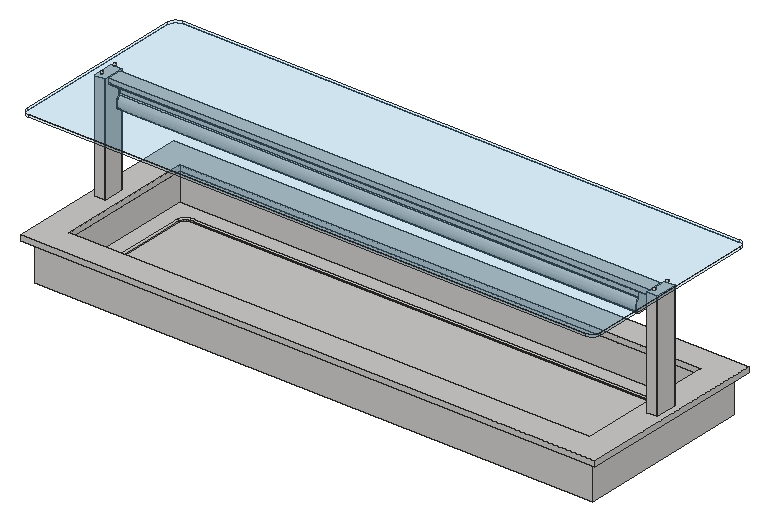
Revit family "QF_FESTIVE_SB21", category Specialty Equipment, Revit 2020
Family settings
  Round Connector Dimension = Use Diameter
  Part Type = Normal
  Work Plane-Based = No
  Always vertical = Yes
  Cut with Voids When Loaded = No
  Shared = No
  Room Calculation Point = No
Parameters (values of type "SB21")
  Weight in Pounds = 0
  Watts = if(Phase = 3, Volts * FL Amps * 1.73, Volts * FL Amps)  # 2882 W
  Volts = 220 V
  URL Cutsheet = ""
  Specification by User = ""
  Specification by Manufacturer = ""
  Serial Number = ""
  Seismic Rating = ""
  SMACNA No = ""
  Revision Code = ""
  Phase = 1
  Number of Poles = 1
  NAFEM Spec ID Number = ""
  Model = "SB21"
  Min Ckt Ampacity = 0 A
  Max Overcurrent Protection = 0 A
  Masterspec = ""
  Manufacturer = "FESTIVE"
  Length = 2130 mm
  Item Number = ""
  Installed By = ""
  Identify Quantity as Lot = yes
  Height = 430 mm
  HP = ""
  Furnished By = ""
  Foodservice Equipment Identifier = yes
  FL Amps = 13.1 A  # constant formula
  Electrical Remarks = ""
  Electric Connection Type = ""
  Elec Conn RI Height = 0 mm
  Elec Conn Connection Height = 0 mm
  Description = "SOMERSET: BAIN MARIE"
  Depth = 712 mm
  Default Elevation = 0 mm
  Cycle = 50 Hz  # constant formula
  Conn Plug = ""
  Conn Conduit = yes
  CSI MasterFormat = ""
  Apparent Power = if(Phase = 3, Volts * FL Amps * 1.73, Volts * FL Amps)  # 2882 VA
Reference planes
  plane 1 "BACK": y = 0
  plane 2: z = 0
  plane 3 "LEFT": x = 0
  plane 4 "RIGHT": x = 2130
  plane 5 "FRONT": y = -712
  plane 6 "TOP": z = 430
  plane 7 "Center Y": x = 1065
  plane 8 "Center X": y = -356
  plane 9: z = -140
  plane 10: x = 568.768
  plane 11: z = -304.8
  plane 12: x = 100.5
  plane 13: x = 2029.5
Forms (mm)
  Extrusion 1, solid, material "QF_Metal - Stainless - Satin"
    sketch origin (0, 0, 0) x (1, 0, 0) y (0, 1, 0)
      loop
        line (0, 0) -> (0, -712) -> (2130, -712) -> (2130, 0) -> (0, 0)
      loop
        line (99, -98.261) -> (99, -612.261) -> (2031, -612.261) -> (2031, -98.261) -> (99, -98.261)
    from 0 to 20
  Extrusion 2, solid, material "QF_Metal - Stainless - Satin"
    sketch origin (1065, -355.261, -145) x (1, 0, 0) y (0, 1, 0)
      loop
        line (1035, -326.739) -> (1035, 325.261) -> (-1035, 325.261) -> (-1035, -326.739) -> (1035, -326.739)
      loop
        line (-966, -257) -> (966, -257) -> (966, 257) -> (-966, 257) -> (-966, -257)
    from 5 to 145
  Extrusion 3, solid, material "QF_Metal - Stainless - Satin"
    sketch origin (1065, -355.261, 20) x (1, 0, 0) y (0, 1, 0)
      loop
        arc (-1006.5, -40) -> (-1005.086, -39.414) -> (-1004.5, -38) r 2
        line (-1004.5, -38) -> (-1004.5, 38)
        arc (-1004.5, 38) -> (-1005.086, 39.414) -> (-1006.5, 40) r 2
        line (-1006.5, 40) -> (-1042.5, 40)
        arc (-1042.5, 40) -> (-1043.914, 39.414) -> (-1044.5, 38) r 2
        line (-1044.5, 38) -> (-1044.5, -38)
        arc (-1044.5, -38) -> (-1043.914, -39.414) -> (-1042.5, -40) r 2
        line (-1042.5, -40) -> (-1006.5, -40)
      loop
        arc (1044.5, 38) -> (1043.914, 39.414) -> (1042.5, 40) r 2
        line (1042.5, 40) -> (1006.5, 40)
        arc (1006.5, 40) -> (1005.086, 39.414) -> (1004.5, 38) r 2
        line (1004.5, 38) -> (1004.5, -38)
        arc (1004.5, -38) -> (1005.086, -39.414) -> (1006.5, -40) r 2
        line (1006.5, -40) -> (1042.5, -40)
        arc (1042.5, -40) -> (1043.914, -39.414) -> (1044.5, -38) r 2
        line (1044.5, -38) -> (1044.5, 38)
    from 0 to 400
  Extrusion 4, solid, material "QF_Metal - Stainless - Satin"
    sketch origin (1065, -355.261, -140) x (0, 1, 0) y (1, 0, 0)
      loop
        line (257, -966) -> (257, 966) -> (-257, 966) -> (-257, -966) -> (257, -966)
    from 0 to -35
  Sweep 5, solid, material "QF_Metal - Stainless - Satin"
    path origin (0, 0, -90) x (1, 0, 0) y (0, 1, 0)
      loop
        line (2029, -180.315) -> (210.803, -180.315)
        arc (210.803, -180.315) -> (189.59, -189.101) -> (180.803, -210.315) r 30
        line (180.803, -210.315) -> (180.803, -500.123)
        arc (180.803, -500.123) -> (189.59, -521.336) -> (210.803, -530.123) r 30
        line (210.803, -530.123) -> (2029, -530.123)
    profile origin (1119.901, -180.315, -90) x (0, -1, 0) y (0, 0, 1)
      loop
        circle (0, 0) r 3.995
  Extrusion 6, solid, material "Glass"
    sketch origin (1065, -355.261, 420) x (1, 0, 0) y (0, 1, 0)
      loop
        arc (-1062.5, -326) -> (-1053.713, -347.213) -> (-1032.5, -356) r 30
        line (-1032.5, -356) -> (1032.5, -356)
        arc (1032.5, -356) -> (1053.713, -347.213) -> (1062.5, -326) r 30
        line (1062.5, -326) -> (1062.5, 324.523)
        arc (1062.5, 324.523) -> (1053.713, 345.736) -> (1032.5, 354.523) r 30
        line (1032.5, 354.523) -> (-1032.5, 354.523)
        arc (-1032.5, 354.523) -> (-1053.713, 345.736) -> (-1062.5, 324.523) r 30
        line (-1062.5, 324.523) -> (-1062.5, -326)
    from 0 to 10
  Extrusion 7, solid, material "QF_Metal - Stainless - Satin"
    sketch origin (2130, 0, 0) x (0, -1, 0) y (0, 0, 1)
      loop
        arc (321.832, 335.631) -> (325.524, 331.583) -> (330.769, 330) r 10.306
        line (330.769, 330) -> (378.191, 330)
        arc (378.191, 330) -> (384.277, 331.191) -> (388.606, 335.631) r 10.413
        arc (388.606, 335.631) -> (392.245, 357.759) -> (382.452, 377.934) r 37.05
        arc (382.452, 377.934) -> (381.137, 379.989) -> (380.676, 382.385) r 6.465
        line (380.676, 382.385) -> (380.676, 400) -> (329.761, 400) -> (329.761, 382.385)
        arc (329.761, 382.385) -> (329.301, 379.989) -> (327.985, 377.934) r 6.465
        arc (327.985, 377.934) -> (318.192, 357.759) -> (321.832, 335.631) r 37.05
    from 100.5 to 102.5
  Extrusion 8, solid, material "QF_Metal - Stainless - Satin"
    sketch origin (100.5, -4572, 329.938) x (0, 0, 1) y (0, -1, 0)
      loop
        arc (5.693, -4250.168) -> (27.821, -4253.808) -> (47.996, -4244.015) r 37.05
        arc (47.996, -4244.015) -> (50.05, -4242.699) -> (52.446, -4242.239) r 6.465
        line (52.446, -4242.239) -> (70.062, -4242.239) -> (70.062, -4191.324) -> (52.446, -4191.324)
        arc (52.446, -4191.324) -> (50.05, -4190.863) -> (47.996, -4189.548) r 6.465
        arc (47.996, -4189.548) -> (27.821, -4179.755) -> (5.693, -4183.394) r 37.05
        arc (5.693, -4183.394) -> (1.253, -4187.723) -> (0.062, -4193.809) r 10.413
        line (0.062, -4193.809) -> (0.062, -4241.231)
        arc (0.062, -4241.231) -> (1.645, -4246.476) -> (5.693, -4250.168) r 10.306
    from 0 to 2
  Extrusion 9, solid, material "QF_Metal - Stainless - Satin"
    sketch origin (0, 0, 0) x (0, 1, 0) y (0, 0, 1)
      loop
        line (-327.761, 420) -> (-382.676, 420) -> (-382.676, 401.831)
        arc (-382.676, 401.831) -> (-382.037, 400.522) -> (-380.676, 400) r 1.989
        line (-380.676, 400) -> (-329.761, 400)
        arc (-329.761, 400) -> (-328.401, 400.522) -> (-327.761, 401.831) r 1.989
        line (-327.761, 401.831) -> (-327.761, 420)
    from 60.5 to 2069.5
  Revolve 10, solid, material "QF_Metal - Stainless - Satin"
    sketch origin (0, -385.237, 2) x (1, 0, 0) y (0, 0, 1)
      loop
        line (36.511, 428) -> (40.467, 428) -> (40.467, 433.967)
        arc (40.467, 433.967) -> (37.67, 432.809) -> (36.511, 430.011) r 3.956
        line (36.511, 430.011) -> (36.511, 428)
      axis (40.467, 428) -> (40.467, 433.967)
    angle from 0 to 360
  Revolve 11, solid, material "QF_Metal - Stainless - Satin"
    sketch origin (0, -325.201, 2) x (1, 0, 0) y (0, 0, -1)
      loop
        line (36.511, -428) -> (36.511, -430.011)
        arc (36.511, -430.011) -> (37.67, -432.809) -> (40.467, -433.967) r 3.956
        line (40.467, -433.967) -> (40.467, -428) -> (36.511, -428)
      axis (40.467, -428) -> (40.467, -433.967)
    angle from 0 to 360
  Revolve 12, solid, material "QF_Metal - Stainless - Satin"
    sketch origin (2130, -385.237, 2) x (-1, 0, 0) y (0, 0, -1)
      loop
        line (36.511, -428) -> (36.511, -430.011)
        arc (36.511, -430.011) -> (37.67, -432.809) -> (40.467, -433.967) r 3.956
        line (40.467, -433.967) -> (40.467, -428) -> (36.511, -428)
      axis (40.467, -428) -> (40.467, -433.967)
    angle from 0 to 360
  Revolve 13, solid, material "QF_Metal - Stainless - Satin"
    sketch origin (2130, -325.201, 2) x (-1, 0, 0) y (0, 0, 1)
      loop
        line (36.511, 428) -> (40.467, 428) -> (40.467, 433.967)
        arc (40.467, 433.967) -> (37.67, 432.809) -> (36.511, 430.011) r 3.956
        line (36.511, 430.011) -> (36.511, 428)
      axis (40.467, 428) -> (40.467, 433.967)
    angle from 0 to 360
  Revolve 14, solid, material "QF_Metal - Stainless - Satin"
    sketch origin (2140, -151, 0) x (-1, 0, 0) y (0, 0, 1)
      loop
        line (1989, -270) -> (1989, -140) -> (1977.514, -140) -> (1977.514, -270) -> (1989, -270)
      axis (1989, -270) -> (1989, -140)
    angle from 0 to 360
  Extrusion 15, solid, material "QF_Metal - Stainless - Satin"
    sketch origin (102.5, -4572, 329.938) x (0, 0, 1) y (0, -1, 0)
      loop
        arc (5.693, -4250.168) -> (27.821, -4253.808) -> (47.996, -4244.015) r 37.05
        arc (47.996, -4244.015) -> (50.05, -4242.699) -> (52.446, -4242.239) r 6.465
        line (52.446, -4242.239) -> (70.062, -4242.239) -> (70.062, -4191.324) -> (52.446, -4191.324)
        arc (52.446, -4191.324) -> (50.05, -4190.863) -> (47.996, -4189.548) r 6.465
        arc (47.996, -4189.548) -> (27.821, -4179.755) -> (5.693, -4183.394) r 37.05
        arc (5.693, -4183.394) -> (1.253, -4187.723) -> (0.062, -4193.809) r 10.413
        line (0.062, -4193.809) -> (0.062, -4241.231)
        arc (0.062, -4241.231) -> (1.645, -4246.476) -> (5.693, -4250.168) r 10.306
    from 0 to 1925
Cuts and joins
  joined: Extrusion 2, Extrusion 4
Lines and regions (mm)
  symbolic lines
    curve 1: arc (32.5, -0.739, 0) -> (11.287, -9.526, 0) -> (2.5, -30.739, 0) r 30
    curve 2: line (2.5, -30.739, 0) -> (2.5, -681.261, 0)
    curve 3: arc (2.5, -681.261, 0) -> (11.287, -702.474, 0) -> (32.5, -711.261, 0) r 30
    curve 4: line (32.5, -711.261, 0) -> (2097.5, -711.261, 0)
    curve 5: arc (2097.5, -711.261, 0) -> (2118.713, -702.474, 0) -> (2127.5, -681.261, 0) r 30
    curve 6: line (2127.5, -681.261, 0) -> (2127.5, -30.739, 0)
    curve 7: arc (2127.5, -30.739, 0) -> (2118.713, -9.526, 0) -> (2097.5, -0.739, 0) r 30
    curve 8: line (2097.5, -0.739, 0) -> (32.5, -0.739, 0)
    curve 9: circle (40.467, -325.131, 0) r 3.956 normal (0, 0, 1)
    curve 10: circle (40.467, -385.166, 0) r 3.956 normal (0, 0, 1)
    curve 11: circle (2089.533, -325.131, 0) r 3.956 normal (0, 0, -1)
    curve 12: circle (2089.533, -385.166, 0) r 3.956 normal (0, 0, -1)
    curve 13: line (2130, 0, 0) -> (0, 0, 0)
    curve 14: line (2130, -712, 0) -> (2130, 0, 0)
    curve 15: line (0, -712, 0) -> (2130, -712, 0)
    curve 16: line (0, 0, 0) -> (0, -712, 0)
Dimensions and locks
  equal spacing: plane 3 "LEFT", plane 7 "Center Y", plane 4 "RIGHT"
  "Length": plane 3 "LEFT" to plane 4 "RIGHT"
  equal spacing: plane 5 "FRONT", plane 8 "Center X", plane 1 "BACK"
  "Depth": plane 5 "FRONT" to plane 1 "BACK"
  "Height": plane 6 "TOP" to level
  plane 1 "BACK" to plane 5 "FRONT" = 712 mm
  plane 2 to plane 9 = 140 mm
  plane 3 "LEFT" to plane 10 = 568.768 mm
  plane 2 to plane 11 = 304.8 mm
  cut or joined group of Extrusion 2, Extrusion 4 to plane 3 "LEFT" = 30 mm
  cut or joined group of Extrusion 2, Extrusion 4 to nested 1 = 189 mm
  nested 1 to nested 1 = 200 mm
  cut or joined group of Extrusion 2, Extrusion 4 to plane 1 "BACK" = 30 mm
  nested 1 to cut or joined group of Extrusion 2, Extrusion 4 = 182 mm
  Revolve 14 to cut or joined group of Extrusion 2, Extrusion 4 = 121 mm
  locked: plane 13 to plane 4 "RIGHT" at 100.5
  Extrusion 3 sketch curve to Extrusion 3 sketch curve to plane 4 "RIGHT" = 40 mm locked, 20.5 mm locked
  aligned and locked: plane 2 to level
  aligned and locked: Extrusion 9 to Extrusion 3
  aligned and locked: Extrusion 15 to Extrusion 7
Automatic sketch dimensions
  curve 16 to plane 3 "LEFT" = 0 mm
  curve 15 to plane 4 "RIGHT" = 0 mm
  plane 5 "FRONT" to curve 15 = 0 mm
  plane 1 "BACK" to curve 13 = 0 mm
  plane 3 "LEFT" to curve 2 = 2.5 mm
  curve 4 to plane 5 "FRONT" = 0.739 mm
  plane 3 "LEFT" to curve 4 = 32.5 mm
  plane 1 "BACK" to curve 8 = 0.739 mm
  plane 3 "LEFT" to curve 8 = 32.5 mm
  plane 3 "LEFT" to curve 10 = 40.467 mm
  plane 3 "LEFT" to curve 9 = 40.467 mm
  plane 4 "RIGHT" to curve 11 = 40.467 mm
  plane 4 "RIGHT" to curve 12 = 40.467 mm
  plane 4 "RIGHT" to curve 8 = 32.5 mm
  plane 4 "RIGHT" to curve 4 = 32.5 mm
  plane 4 "RIGHT" to curve 6 = 2.5 mm
  curve 12 to plane 8 "Center X" = 29.166 mm
  curve 10 to plane 8 "Center X" = 29.166 mm
  plane 8 "Center X" to curve 9 = 30.869 mm
  plane 8 "Center X" to curve 11 = 30.869 mm
  Extrusion 1 sketch curve to plane 3 "LEFT" = 0 mm
  Extrusion 1 sketch curve to plane 4 "RIGHT" = 0 mm
  plane 5 "FRONT" to Extrusion 1 sketch curve = 0 mm
  plane 1 "BACK" to Extrusion 1 sketch curve = 0 mm
  Extrusion 1 sketch curve to plane 12 = 1.5 mm
  Extrusion 1 sketch curve to plane 13 = 1.5 mm
  Extrusion 1 sketch curve to plane 5 "FRONT" = 99.739 mm
  plane 1 "BACK" to Extrusion 1 sketch curve = 98.261 mm
  plane 3 "LEFT" to Extrusion 2 sketch curve = 30 mm
  Extrusion 2 sketch curve to plane 12 = 1.5 mm
  Extrusion 2 sketch curve to plane 13 = 1.5 mm
  plane 4 "RIGHT" to Extrusion 2 sketch curve = 30 mm
  Extrusion 2 sketch curve to plane 5 "FRONT" = 30 mm
  Extrusion 2 sketch curve to Extrusion 2 sketch curve = 69.739 mm
  plane 1 "BACK" to Extrusion 2 sketch curve = 98.261 mm
  plane 1 "BACK" to Extrusion 2 sketch curve = 30 mm
  Extrusion 3 sketch curve to plane 12 = 40 mm
  Extrusion 3 sketch curve to Extrusion 3 sketch curve = 2 mm  (x7)
  plane 3 "LEFT" to Extrusion 3 sketch curve = 22.5 mm  (x2)
  Extrusion 3 sketch curve to plane 8 "Center X" = 39.261 mm  (x2)
  plane 8 "Center X" to Extrusion 3 sketch curve = 38.739 mm  (x2)
  Extrusion 4 sketch curve to Extrusion 2 = 0 mm  (x4)
  plane 12 to Sweep 5 sketch curve = 80.303 mm
  Sweep 5 sketch curve to Sweep 5 sketch curve = 30 mm  (x2)
  Sweep 5 sketch curve to plane 8 "Center X" = 174.123 mm
  plane 8 "Center X" to Sweep 5 sketch curve = 145.685 mm
  plane 13 to Sweep 5 sketch curve = 0.5 mm  (x2)
  Sweep 5 sketch curve to profile plane = 0 mm  (x2)
  plane 3 "LEFT" to Extrusion 6 sketch curve = 2.5 mm
  Extrusion 6 sketch curve to Extrusion 6 sketch curve = 30 mm  (x2)
  plane 1 "BACK" to Extrusion 6 sketch curve = 0.739 mm
  plane 4 "RIGHT" to Extrusion 6 sketch curve = 32.5 mm  (x2)
  Extrusion 6 sketch curve to plane 5 "FRONT" = 0.739 mm
  plane 4 "RIGHT" to Extrusion 6 sketch curve = 2.5 mm
  plane 8 "Center X" to Extrusion 7 sketch curve = 32.703 mm
  Extrusion 7 sketch curve to Extrusion 7 sketch curve = 6.465 mm  (x2)
  plane 8 "Center X" to Extrusion 7 sketch curve = 25.231 mm
  Extrusion 7 sketch curve to Extrusion 7 sketch curve = 0.249 mm
  plane 8 "Center X" to Extrusion 7 sketch curve = 1.144 mm
  plane 8 "Center X" to Extrusion 7 sketch curve = 0.419 mm
  Extrusion 7 sketch curve to plane 8 "Center X" = 22.191 mm
  Extrusion 7 sketch curve to Extrusion 7 sketch curve = 1.133 mm
  Extrusion 7 sketch curve to plane 8 "Center X" = 24.676 mm
  Extrusion 7 sketch curve to plane 6 "TOP" = 100 mm
  Extrusion 7 sketch curve to Extrusion 7 sketch curve = 10.303 mm
  Extrusion 7 sketch curve to Extrusion 7 sketch curve = 10.351 mm
  Extrusion 7 sketch curve to Extrusion 7 sketch curve = 12.075 mm
  Extrusion 7 sketch curve to Extrusion 7 sketch curve = 0 mm  (x3)
  Extrusion 7 sketch curve to Extrusion 7 sketch curve = 42.082 mm
  Extrusion 7 sketch curve to Extrusion 7 sketch curve = 42.033 mm
  Extrusion 7 sketch curve to Extrusion 7 sketch curve = 17.615 mm
  Extrusion 8 sketch curve to plane 8 "Center X" = 22.191 mm
  Extrusion 8 sketch curve to plane 6 "TOP" = 100 mm
  Extrusion 8 sketch curve to Extrusion 8 sketch curve = 10.303 mm
  Extrusion 8 sketch curve to Extrusion 8 sketch curve = 10.351 mm
  plane 8 "Center X" to Extrusion 8 sketch curve = 0.419 mm
  Extrusion 8 sketch curve to Extrusion 8 sketch curve = 12.075 mm
  Extrusion 8 sketch curve to Extrusion 8 sketch curve = 0 mm  (x3)
  Extrusion 8 sketch curve to Extrusion 8 sketch curve = 42.082 mm
  Extrusion 8 sketch curve to Extrusion 8 sketch curve = 42.033 mm
  Extrusion 8 sketch curve to Extrusion 8 sketch curve = 17.615 mm
  Extrusion 8 sketch curve to Extrusion 8 sketch curve = 0.725 mm
  plane 8 "Center X" to Extrusion 8 sketch curve = 24.982 mm
  Extrusion 8 sketch curve to Extrusion 8 sketch curve = 0.249 mm
  plane 8 "Center X" to Extrusion 8 sketch curve = 26.239 mm
  Extrusion 8 sketch curve to Extrusion 8 sketch curve = 6.465 mm  (x2)
  Extrusion 8 sketch curve to Extrusion 8 sketch curve = 1.133 mm
  Extrusion 8 sketch curve to plane 8 "Center X" = 24.676 mm
  Extrusion 9 sketch curve to plane 8 "Center X" = 26.676 mm
  Extrusion 9 sketch curve to Extrusion 9 sketch curve = 1.982 mm  (x2)
  Extrusion 9 sketch curve to Extrusion 9 sketch curve = 0.018 mm  (x2)
  plane 8 "Center X" to Extrusion 9 sketch curve = 26.239 mm
  Extrusion 9 sketch curve to plane 6 "TOP" = 30 mm
  Extrusion 9 sketch curve to Extrusion 9 sketch curve = 1.831 mm  (x2)
  Extrusion 9 sketch curve to plane 6 "TOP" = 10 mm
  Revolve 10 sketch curve to plane 6 "TOP" = 0 mm
  plane 3 "LEFT" to Revolve 10 sketch curve = 36.511 mm
  Revolve 10 sketch curve to Revolve 10 sketch curve = 3.956 mm
  plane 6 "TOP" to Revolve 10 sketch curve = 2.011 mm
  Revolve 10 sketch curve to Revolve 10 sketch curve = 0 mm  (x2)
  Revolve 10 sketch curve to Revolve 10 sketch curve = 2.434 mm
  Revolve 11 sketch curve to plane 6 "TOP" = 0 mm
  plane 3 "LEFT" to Revolve 11 sketch curve = 36.511 mm
  Revolve 11 sketch curve to Revolve 11 sketch curve = 3.956 mm
  Revolve 11 sketch curve to Revolve 11 sketch curve = 2.011 mm
  Revolve 11 sketch curve to Revolve 11 sketch curve = 0 mm  (x2)
  Revolve 11 sketch curve to Revolve 11 sketch curve = 2.434 mm
  Revolve 12 sketch curve to plane 6 "TOP" = 0 mm
  plane 4 "RIGHT" to Revolve 12 sketch curve = 36.511 mm
  Revolve 12 sketch curve to Revolve 12 sketch curve = 3.956 mm
  Revolve 12 sketch curve to Revolve 12 sketch curve = 2.011 mm
  Revolve 12 sketch curve to Revolve 12 sketch curve = 0 mm  (x2)
  Revolve 12 sketch curve to Revolve 12 sketch curve = 2.434 mm
  Revolve 13 sketch curve to plane 6 "TOP" = 0 mm
  plane 4 "RIGHT" to Revolve 13 sketch curve = 36.511 mm
  Revolve 13 sketch curve to Revolve 13 sketch curve = 3.956 mm
  Revolve 13 sketch curve to Revolve 13 sketch curve = 2.011 mm
  Revolve 13 sketch curve to Revolve 13 sketch curve = 0 mm  (x2)
  Revolve 13 sketch curve to Revolve 13 sketch curve = 2.434 mm
  Revolve 14 sketch curve to plane 9 = 0 mm
  plane 12 to Revolve 14 sketch curve = 61.986 mm
  Revolve 14 sketch curve to Revolve 14 sketch curve = 11.486 mm
  Revolve 14 sketch curve to plane 11 = 34.8 mm
  Revolve 14 sketch curve to Revolve 14 sketch curve = 0 mm
  Revolve 14 sketch curve to Revolve 14 sketch curve = 0.847 mm
  Revolve 14 sketch curve to Revolve 14 sketch curve = 4.153 mm
  Extrusion 8 to Extrusion 15 sketch curve = 0 mm
  Extrusion 15 sketch curve to Extrusion 8 = 0 mm
  radius of curve 9 = 3.956 mm
  radius of curve 10 = 3.956 mm
  radius of curve 11 = 3.956 mm
  radius of curve 12 = 3.956 mm
  radius of Sweep 5 sketch curve = 3.995 mm
  radius of Extrusion 15 sketch curve to Extrusion 8 = 0 mm  (x6)
Nested families
  nested 1: "Family2" at (419, -212, -240) x (-1, 0, 0) z (0, 0, 1), type "Family2"
Connectors
  electrical at (422.2, -182, -206), driven by "Volts", driven by "Watts"
    settings: on nested 1, index 4, voltage 220 V, apparent load 2882 VA, apparent load phase1 0 VA, apparent load phase2 0 VA, apparent load phase3 0 VA, power factor 1, load classification "Other", number of poles 1, system type 30, power factor state 1, is connector primary yes, connector utility no, sub classification motor no, connector description ""
Definition of nested family "Family2"
  Parameters (values of type "Family2")
    Weight in Pounds = 0
    Watts = if(Phase = 3, Volts * FL Amps * 1.73, Volts * FL Amps)  # 0 W
    Volts = 0 V
    URL Cutsheet = ""
    Specification by User = ""
    Specification by Manufacturer = ""
    Serial Number = ""
    Seismic Rating = ""
    SMACNA No = ""
    Revision Code = ""
    Phase = 0
    Number of Poles = 1
    NAFEM Spec ID Number = ""
    Min Ckt Ampacity = 0 A
    Max Overcurrent Protection = 0 A
    Masterspec = ""
    Length = 200 mm
    Item Number = ""
    Installed By = ""
    Identify Quantity as Lot = yes
    Height = 100 mm
    HP = ""
    Furnished By = ""
    Foodservice Equipment Identifier = yes
    FL Amps = 0 A
    Electrical Remarks = ""
    Electric Connection Type = ""
    Elec Conn RI Height = 0 mm
    Elec Conn Connection Height = 0 mm
    Depth = 180 mm
    Default Elevation = 0 mm
    Cycle = 0 Hz
    Conn Plug = ""
    Conn Conduit = yes
    CSI MasterFormat = ""
    Apparent Power = if(Phase = 3, Volts * FL Amps * 1.73, Volts * FL Amps)  # 0 VA
  Reference planes
    plane 1 "BACK": y = 0
    plane 2: z = 0
    plane 3 "LEFT": x = 0
    plane 4 "RIGHT": x = 200
    plane 5 "FRONT": y = -180
    plane 6 "TOP": z = 100
    plane 7 "Center Y": x = 100
    plane 8 "Center X": y = -90
  Forms (mm)
    Revolve 1, solid
      sketch origin (148.125, 0, 0) x (0, 1, 0) y (0, 0, 1)
        loop
          line (-180, 55) -> (-157.389, 55) -> (-157.389, 80.809) -> (-159.789, 80.809) -> (-166.275, 70.43) -> (-180, 68.987) -> (-180, 55)
        axis (-157.389, 55) -> (-180, 55)
      angle from 0 to 360
    Extrusion 2, solid
      sketch origin (0, -157.389, 100.641) x (0, 0, -1) y (1, 0, 0)
        loop
          line (28.109, 56.09) -> (61.602, 56.09) -> (61.602, 73.485) -> (28.109, 73.485) -> (28.109, 56.09)
        loop
          line (30.983, 59.095) -> (59.271, 59.095) -> (59.271, 70.349) -> (30.983, 70.349) -> (30.983, 59.095)
        loop
          circle (45.241, 100) r 9.116
      from 0 to 2
    Extrusion 3, solid
      sketch origin (70.349, -157.389, 69.658) x (0, 0, -1) y (0, -1, 0)
        loop
          line (28.288, 0) -> (28.288, 2) -> (24.792, 6.475) -> (21.296, 6.475)
          arc (21.296, 6.475) -> (10.911, 2.987) -> (0, 2) r 46.947
          line (0, 2) -> (0, 0) -> (28.288, 0)
      from 0 to 11.254
    Extrusion 4, solid
      sketch origin (0, 0, 0) x (0, -1, 0) y (0, 0, 1)
        loop
          line (157.389, 100) -> (0, 100) -> (0, 0) -> (157.389, 0) -> (157.389, 100)
        loop
          circle (30, 34) r 9.043
        loop
          circle (32.744, 71.693) r 12.608
        loop
          circle (73.56, 33.695) r 8.677
        loop
          circle (73.509, 71.741) r 8.145
      from 0 to -2
    Extrusion 5, solid
      sketch origin (0, 0, 0) x (0, 1, 0) y (0, 0, 1)
        loop
          line (0, 100) -> (-157.389, 100) -> (-157.389, 16.636) -> (-154.226, 16.636) -> (-154.226, 0) -> (0, 0) -> (0, 100)
      from 2 to 198
    Extrusion 6, solid
      sketch origin (200, 0, 0) x (0, -1, 0) y (0, 0, -1)
        loop
          line (157.389, -100) -> (157.389, 0) -> (0, 0) -> (0, -100) -> (157.389, -100)
        loop
          circle (30, -34) r 9.043
        loop
          circle (32.744, -71.693) r 12.608
        loop
          circle (73.56, -33.695) r 8.677
        loop
          circle (73.509, -71.741) r 8.145
      from 0 to -2
    Extrusion 7, solid
      sketch origin (0, 0, 0) x (0, -1, 0) y (0, 0, 1)
        loop
          circle (30, 34) r 9.043
      from 0 to 3.2
    Extrusion 8, solid
      sketch origin (0, -159.389, 100.641) x (0, 0, -1) y (1, 0, 0)
        loop
          circle (45.241, 100) r 6.691
      from 0 to 2
  Cuts and joins
    joined: Extrusion 4, Extrusion 5, Extrusion 6
  Lines and regions (mm)
    symbolic lines
      curve 1: line (0, 0, 0) -> (200, 0, 0)
      curve 2: line (0, -157.389, 0) -> (0, 0, 0)
      curve 3: line (200, -157.389, 0) -> (0, -157.389, 0)
      curve 4: line (200, 0, 0) -> (200, -157.389, 0)
      curve 5: line (59.095, -159.389, 0) -> (59.095, -163.864, 0)
      curve 6: line (70.349, -163.864, 0) -> (70.349, -159.389, 0)
      curve 7: line (59.095, -163.864, 0) -> (70.349, -163.864, 0)
      curve 8: line (56.09, -159.389, 0) -> (73.485, -159.389, 0)
      curve 9: line (56.09, -157.389, 0) -> (56.09, -159.389, 0)
      curve 10: line (73.485, -159.389, 0) -> (73.485, -157.389, 0)
      curve 11: line (109.116, -159.389, 0) -> (90.884, -159.389, 0)
      curve 12: line (90.884, -159.389, 0) -> (90.884, -157.389, 0)
      curve 13: line (109.116, -159.389, 0) -> (109.116, -157.389, 0)
      curve 14: line (132.695, -166.275, 0) -> (134.138, -180, 0)
      curve 15: line (134.138, -180, 0) -> (162.112, -180, 0)
      curve 16: line (162.112, -180, 0) -> (163.555, -166.275, 0)
      curve 17: line (163.555, -166.275, 0) -> (132.695, -166.275, 0)
      curve 18: line (132.695, -166.275, 0) -> (122.322, -159.793, 0)
      curve 19: line (122.322, -159.793, 0) -> (173.85, -159.793, 0)
      curve 20: line (173.85, -159.793, 0) -> (163.555, -166.275, 0)
      curve 21: line (173.85, -159.793, 0) -> (173.85, -157.389, 0)
      curve 22: line (122.322, -159.793, 0) -> (122.322, -157.389, 0)
  Dimensions and locks
    equal spacing: plane 3 "LEFT", plane 7 "Center Y", plane 4 "RIGHT"
    "Length": plane 3 "LEFT" to plane 4 "RIGHT"
    equal spacing: plane 5 "FRONT", plane 8 "Center X", plane 1 "BACK"
    "Depth": plane 5 "FRONT" to plane 1 "BACK"
    "Height": plane 6 "TOP" to level
    plane 4 "RIGHT" to plane 3 "LEFT" = 200 mm
    locked: Extrusion 7 sketch curve to level at 34
    locked: plane 1 "BACK" to Extrusion 7 sketch curve at 30
    aligned and locked: level to plane 2
    aligned and locked: plane 6 "TOP" to cut or joined group of Extrusion 4, Extrusion 5, Extrusion 6
  Automatic sketch dimensions
    curve 3 to plane 3 "LEFT" = 0 mm
    plane 5 "FRONT" to curve 15 = 0 mm
    curve 3 to plane 4 "RIGHT" = 0 mm
    plane 1 "BACK" to curve 2 = 0 mm
    curve 8 to plane 5 "FRONT" = 20.611 mm
    curve 8 to plane 7 "Center Y" = 43.91 mm
    curve 8 to curve 7 = 3.004 mm
    curve 5 to curve 7 = 11.254 mm
    curve 6 to curve 10 = 3.136 mm
    curve 11 to plane 7 "Center Y" = 9.116 mm
    plane 7 "Center Y" to curve 11 = 9.116 mm
    curve 11 to curve 19 = 13.206 mm
    curve 18 to plane 5 "FRONT" = 13.725 mm
    curve 18 to curve 18 = 10.373 mm
    curve 14 to curve 15 = 1.443 mm
    curve 14 to curve 15 = 27.974 mm
    curve 15 to curve 20 = 1.443 mm
    curve 16 to curve 19 = 10.295 mm
    curve 5 to curve 5 = 4.475 mm
    curve 14 to curve 22 = 6.482 mm
    curve 18 to curve 11 = 0.404 mm
    curve 4 to plane 5 "FRONT" = 22.611 mm
    Revolve 1 sketch curve to plane 5 "FRONT" = 0 mm
    Revolve 1 sketch curve to plane 5 "FRONT" = 13.725 mm
    Revolve 1 sketch curve to Revolve 1 sketch curve = 6.486 mm
    Revolve 1 sketch curve to Revolve 1 sketch curve = 8.886 mm
    Revolve 1 sketch curve to plane 6 "TOP" = 45 mm
    Revolve 1 sketch curve to Revolve 1 sketch curve = 13.987 mm
    Revolve 1 sketch curve to Revolve 1 sketch curve = 1.443 mm
    Revolve 1 sketch curve to Revolve 1 sketch curve = 10.38 mm
    plane 5 "FRONT" to Revolve 1 sketch curve = 0.636 mm
    Revolve 1 sketch curve to Revolve 1 sketch curve = 15 mm
    Revolve 1 sketch curve to Revolve 1 sketch curve = 0 mm
    Extrusion 2 sketch curve to plane 7 "Center Y" = 0 mm
    Extrusion 2 sketch curve to plane 6 "TOP" = 27.468 mm
    Extrusion 2 sketch curve to Extrusion 2 sketch curve = 2.873 mm
    Extrusion 2 sketch curve to Extrusion 2 sketch curve = 17.132 mm
    Extrusion 2 sketch curve to Extrusion 2 sketch curve = 28.288 mm
    Extrusion 2 sketch curve to Extrusion 2 sketch curve = 2.331 mm
    Extrusion 2 sketch curve to plane 7 "Center Y" = 26.515 mm
    Extrusion 2 sketch curve to Extrusion 2 sketch curve = 3.136 mm
    Extrusion 2 sketch curve to Extrusion 2 sketch curve = 11.254 mm
    Extrusion 2 sketch curve to Extrusion 2 sketch curve = 3.004 mm
    Extrusion 3 sketch curve to Extrusion 2 = 0 mm  (x4)
    Extrusion 2 to Extrusion 3 sketch curve = 0 mm
    Extrusion 3 sketch curve to Extrusion 2 = 1.256 mm
    Extrusion 3 sketch curve to Extrusion 2 = 4.475 mm
    Extrusion 3 sketch curve to Extrusion 3 sketch curve = 6.993 mm
    Extrusion 3 sketch curve to Extrusion 3 sketch curve = 3.496 mm
    Extrusion 5 sketch curve to level = 0 mm
    Extrusion 5 sketch curve to plane 1 "BACK" = 0 mm
    plane 6 "TOP" to Extrusion 5 sketch curve = 0 mm
    Extrusion 5 sketch curve to plane 5 "FRONT" = 22.611 mm
    level to Extrusion 5 sketch curve = 16.636 mm
    Extrusion 5 sketch curve to Extrusion 5 sketch curve = 3.163 mm
    Extrusion 6 sketch curve to plane 1 "BACK" = 0 mm
    Extrusion 6 sketch curve to level = 0 mm
    plane 1 "BACK" to Extrusion 6 sketch curve = 30 mm
    plane 1 "BACK" to Extrusion 6 sketch curve = 32.744 mm
    plane 8 "Center X" to Extrusion 6 sketch curve = 16.491 mm
    plane 8 "Center X" to Extrusion 6 sketch curve = 16.44 mm
    Extrusion 6 sketch curve to plane 5 "FRONT" = 22.611 mm
    level to Extrusion 6 sketch curve = 33.695 mm
    level to Extrusion 6 sketch curve = 34 mm
    Extrusion 6 sketch curve to plane 6 "TOP" = 28.307 mm
    Extrusion 6 sketch curve to plane 6 "TOP" = 28.259 mm
    plane 6 "TOP" to Extrusion 6 sketch curve = 0 mm
    Extrusion 4 sketch curve to plane 1 "BACK" = 0 mm
    Extrusion 4 sketch curve to level = 0 mm
    plane 1 "BACK" to Extrusion 4 sketch curve = 30 mm
    plane 1 "BACK" to Extrusion 4 sketch curve = 32.744 mm
    plane 8 "Center X" to Extrusion 4 sketch curve = 16.491 mm
    plane 8 "Center X" to Extrusion 4 sketch curve = 16.44 mm
    Extrusion 4 sketch curve to plane 5 "FRONT" = 22.611 mm
    level to Extrusion 4 sketch curve = 33.695 mm
    level to Extrusion 4 sketch curve = 34 mm
    Extrusion 4 sketch curve to plane 6 "TOP" = 28.307 mm
    Extrusion 4 sketch curve to plane 6 "TOP" = 28.259 mm
    plane 6 "TOP" to Extrusion 4 sketch curve = 0 mm
    radius of Extrusion 2 sketch curve = 9.116 mm
    radius of Extrusion 7 sketch curve = 9.043 mm
    radius of Extrusion 6 sketch curve = 9.043 mm
    radius of Extrusion 6 sketch curve = 12.608 mm
    radius of Extrusion 6 sketch curve = 8.677 mm
    radius of Extrusion 6 sketch curve = 8.145 mm
    radius of Extrusion 4 sketch curve = 9.043 mm
    radius of Extrusion 4 sketch curve = 12.608 mm
    radius of Extrusion 4 sketch curve = 8.677 mm
    radius of Extrusion 4 sketch curve = 8.145 mm
    radius of Extrusion 8 sketch curve to Extrusion 2 = 2.425 mm
